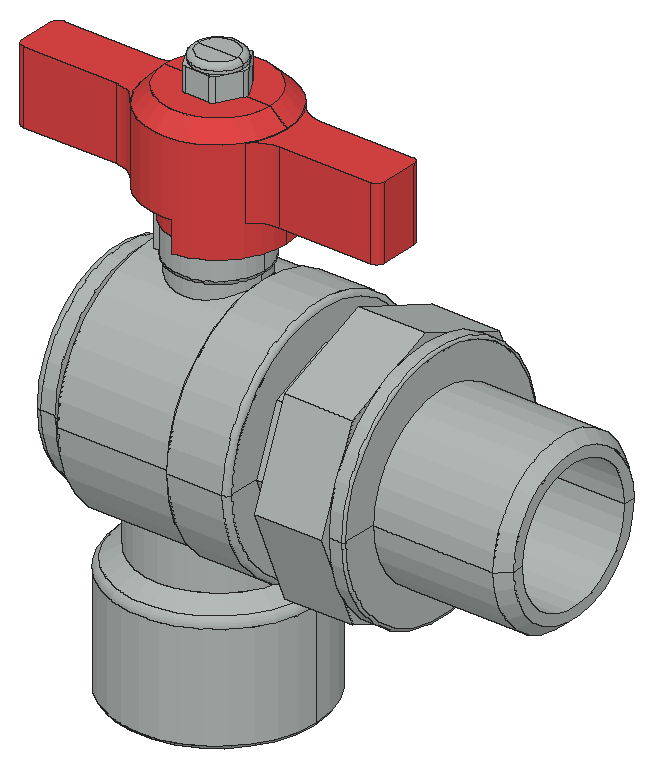
Revit family "QD01800000", category Apparecchi idraulici, Revit 2020
Family settings
  Quota connettore circolare = Usa diametro
  Tipo di parte = Normale
  Numero OmniClass = 23.45.00.00
  Titolo OmniClass = Sanitary, Laundry, and Cleaning Equipment
  Basato su piano di lavoro = No
  Sempre verticale = Sì
  Taglio con vuoti quando caricato = No
  Condiviso = No
  Punto di calcolo locali = No
Parameters
  URL = "https://web.cimberio.it/index.php/figura/251?subcategoria_id=43096"
  Temperatura di esercizio = "-20 ÷ 120°C"
  Prospetto di default = 0 mm
  Produttore = "CIMBERIO SPA"
  Pressione nominale = "PN 32"
  Modello = "Cim 238"
  Materiale = "Prodotto in lega di ottone conforme alla norma EN 12165-CW617N-DW"
  Descrizione = "Utilizzato nei più svariati settori dell'impiantistica: impianti di riscaldamento, condizionamento, idrici, igienico-sanitari, aria compressa e in generale con ogni fluido non corrosivo"
  DN Model [instance] = QD01802154 : QD01802154
  DN [instance] = 25 mm
  Commenti sul tipo = "Realizzato in ottemperanza ai requisiti gestionali della norma EN ISO 9001.\r\nCollaudato al 100% secondo la normativa EN 12266-1"
Reference planes
  plane 1 "Centro (Fronte/Retro)": y = 0
  plane 2: z = 0
  plane 3 "Centro (Sinistra/Destra)": x = 0
Dimensions and locks
  aligned and locked: level to plane 2
Nested families
  nested 1: "QD01802154" at (0, 0, 0), type <- "DN Model", type "QD01802154"
  nested 2: "QD01802154" at (0, 0, 0), type <- "DN Model", type "QD01802154"
  nested 3: "QD01802154" at (0, 0, 0), type <- "DN Model", type "QD01802154"
Connectors
  piping at (68.6, 0, 0), diameter 25, driven by "DN"
    settings: on nested 1, index 1, connector inside diameter 609.6 mm, connector length 0 mm, flow factor 0, pipe flow 0.0 L/s, pressure drop 0.0 Pa, fitting loss kfactor 0, connector angle 0.00°, fixture units 0, engagement length 0 mm, angle of deflection 0.00°, flow configuration 0, flow direction 0, fitting loss method 0, system type 8, joint type 0, gender type 0, connector reference index -1, connector utility 0, adjustable connector no, is connector primary yes, connector description ""
  piping at (0, 0, -50.5), diameter 25, driven by "DN"
    settings: on nested 1, index 2, connector inside diameter 609.6 mm, connector length 0 mm, flow factor 0, pipe flow 0.0 L/s, pressure drop 0.0 Pa, fitting loss kfactor 0, connector angle 0.00°, fixture units 0, engagement length 0 mm, angle of deflection 0.00°, flow configuration 0, flow direction 0, fitting loss method 0, system type 7, joint type 0, gender type 0, connector reference index -1, connector utility 0, adjustable connector no, is connector primary no, connector description ""
Definition of nested family "QD01802154"
  Parameters (values of type "QD01802154")
    Default Elevation = 0 mm
  Reference planes
    plane 1 "Centro (Fronte/Retro)": y = 0
    plane 2: z = 0
    plane 3 "Centro (Sinistra/Destra)": x = 0
  Forms (mm)
    Revolve 1, solid
      sketch origin (0, 0, 0) x (1, 0, 0) y (0, 1, 0)
        loop
          line (-19.65, 12.5) -> (20.6, 12.5) -> (20.6, 22.5)
          arc (20.6, 22.5) -> (20.308, 23.207) -> (19.599, 23.5) r 1
          line (19.599, 23.5) -> (9.001, 23.5)
          arc (9.001, 23.5) -> (8.658, 23.187) -> (8.5, 22.75) r 0.968
          line (8.5, 22.75) -> (-12.8, 22.75) -> (-15.55, 20) -> (-18.151, 20)
          arc (-18.151, 20) -> (-19.212, 19.56) -> (-19.65, 18.498) r 1.5
          line (-19.65, 18.498) -> (-19.65, 12.5)
        axis (-19.65, 0) -> (20.6, 0)
      angle from 0 to 360
    Extrusion 2, solid
      sketch origin (0, 0, 0) x (0, 1, 0) y (0, 0, 1)
        loop
          circle (0, 0) r 12.5
        loop
          line (0, 25) -> (-17.678, 17.678) -> (-25, 0) -> (-17.678, -17.678) -> (0, -25) -> (17.678, -17.678) -> (25, 0) -> (17.678, 17.678) -> (0, 25)
      from 27.1 to 40.1
    Revolve 3, solid
      sketch origin (0, 0, 4.062) x (1, 0, 0) y (0, 0, 1)
        loop
          line (0.065, 27.317) -> (0.065, 10.2) -> (8.5, 10.2) -> (8.5, 20.16)
          arc (8.5, 20.16) -> (8.86, 20.393) -> (9, 20.8) r 0.66
          line (9, 20.8) -> (9, 27.317) -> (0.065, 27.317)
        axis (0.065, 27.317) -> (0.065, 10.2)
      angle from 0 to 360
    Extrusion 4, solid
      sketch origin (0, 0, 10.625) x (1, 0, 0) y (0, 0, 1)
        loop
          line (-13, 26.3) -> (-13, 21) -> (-11, 19.845) -> (-11, 10.135) -> (-7.793, 10.135) -> (-7.793, 26.3) -> (-13, 26.3)
      from 0 to 1.742
    Revolve 5, solid
      sketch origin (0, 0, 4.062) x (1, 0, 0) y (0, 0, 1)
        loop
          line (0, 28.8) -> (-5.984, 28.8) -> (-7.003, 28.281) -> (-7.003, 26.625) -> (0, 26.625) -> (0, 28.8)
        axis (0, 28.8) -> (0, 26.625)
      angle from 0 to 360
    Revolve 6, solid
      sketch origin (0, 0, 8.056) x (1, 0, 0) y (0, 0, 1)
        loop
          line (0, 45.8) -> (-10.25, 45.806) -> (-13.25, 42.806) -> (-13.25, 22.955) -> (-7.25, 22.955) -> (-7.25, 33.512) -> (0, 33.512) -> (0, 45.8)
        axis (0, 45.806) -> (0, 22.955)
      angle from 0 to 360
    Extrusion 7, solid
      sketch origin (0, 0, 4.062) x (1, 0, 0) y (0, 1, 0)
        loop
          line (5.462, 0.547) -> (3.193, 4.475)
          arc (3.193, 4.475) -> (2.807, 4.862) -> (2.279, 5.003) r 1.056
          line (2.279, 5.003) -> (-2.264, 5.003)
          arc (-2.264, 5.003) -> (-2.805, 4.858) -> (-3.201, 4.462) r 1.082
          line (-3.201, 4.462) -> (-5.46, 0.55)
          arc (-5.46, 0.55) -> (-5.607, 0) -> (-5.46, -0.55) r 1.1
          line (-5.46, -0.55) -> (-3.2, -4.464)
          arc (-3.2, -4.464) -> (-2.805, -4.859) -> (-2.266, -5.003) r 1.078
          line (-2.266, -5.003) -> (2.25, -5.003)
          arc (2.25, -5.003) -> (2.803, -4.855) -> (3.208, -4.45) r 1.106
          line (3.208, -4.45) -> (5.462, -0.547)
          arc (5.462, -0.547) -> (5.608, 0) -> (5.462, 0.547) r 1.093
      from 54.3 to 49.794
    Revolve 8, solid
      sketch origin (0, 0, 8.064) x (1, 0, 0) y (0, 0, 1)
        loop
          line (0, 51.8) -> (0, 49.682) -> (4.75, 49.682) -> (4.75, 50.8)
          arc (4.75, 50.8) -> (4.457, 51.507) -> (3.75, 51.8) r 1
          line (3.75, 51.8) -> (0, 51.8)
        axis (0, 51.8) -> (0, 49.682)
      angle from 0 to 360
    Revolve 9, solid
      sketch origin (7.268, 0, 0) x (1, 0, 0) y (0, 1, 0)
        loop
          line (32.832, 12.5) -> (35.838, 12.5) -> (35.838, 23)
          arc (35.838, 23) -> (35.691, 23.354) -> (35.338, 23.5) r 0.5
          line (35.338, 23.5) -> (32.832, 23.5) -> (32.832, 12.5)
        axis (32.832, 0) -> (35.838, 0)
      angle from 0 to 360
    Revolve 10, solid
      sketch origin (7, 0, 0) x (1, 0, 0) y (0, 1, 0)
        loop
          line (61.6, 12.5) -> (61.6, 14.5) -> (59.326, 16.5) -> (36.1, 16.5) -> (36.1, 12.5) -> (61.6, 12.5)
        axis (36.1, 0) -> (61.6, 0)
      angle from 0 to 360
    Extrusion 11, void
      sketch origin (0, 0, 4.062) x (1, 0, 0) y (0, 1, 0)
        loop
          line (-9.25, 0) -> (-14.077, 0)
          arc (-14.077, 0) -> (-9.371, -10.505) -> (1.6, -13.986) r 14.077
          line (1.6, -13.986) -> (1.6, -9.111)
          arc (1.6, -9.111) -> (-5.948, -7.084) -> (-9.25, 0) r 9.25
      from 26.3 to 32.8
    Extrusion 12, solid
      sketch origin (0, 0, 0) x (1, 0, 0) y (0, 1, 0)
        loop
          arc (-10.874, 7.571) -> (-13.02, 5.682) -> (-15.798, 5) r 6
          line (-15.798, 5) -> (-33.5, 5)
          arc (-33.5, 5) -> (-34.561, 4.561) -> (-35, 3.5) r 1.5
          line (-35, 3.5) -> (-35, -3.5)
          arc (-35, -3.5) -> (-34.561, -4.561) -> (-33.5, -5) r 1.5
          line (-33.5, -5) -> (-15.798, -5)
          arc (-15.798, -5) -> (-13.02, -5.682) -> (-10.874, -7.571) r 6
          arc (-10.874, -7.571) -> (-13.25, 0) -> (-10.874, 7.571) r 13.25
        loop
          arc (10.874, 7.571) -> (13.25, 0) -> (10.874, -7.571) r 13.25
          arc (10.874, -7.571) -> (13.02, -5.682) -> (15.798, -5) r 6
          line (15.798, -5) -> (33.5, -5)
          arc (33.5, -5) -> (34.561, -4.561) -> (35, -3.5) r 1.5
          line (35, -3.5) -> (35, 3.5)
          arc (35, 3.5) -> (34.561, 4.561) -> (33.5, 5) r 1.5
          line (33.5, 5) -> (15.798, 5)
          arc (15.798, 5) -> (13.02, 5.682) -> (10.874, 7.571) r 6
      from 36.925 to 50.862
    Revolve 13, solid
      sketch origin (0, 0, 0) x (1, 0, 0) y (0, 0, 1)
        loop
          line (-22.071, 14.044) -> (-23.3, 0) -> (-19.65, 0) -> (-19.65, 14.5) -> (-21.42, 14.5)
          arc (-21.42, 14.5) -> (-21.852, 14.424) -> (-22.071, 14.044) r 0.519
        axis (-23.3, 0) -> (-19.65, 0)
      angle from 0 to 360
    Extrusion 14, solid
      sketch origin (0, 0, 0) x (0, 1, 0) y (0, 0, 1)
        loop
          circle (0, 0) r 12.5
        loop
          line (0, 16.6) -> (-11.738, 11.738) -> (-16.6, 0) -> (-11.738, -11.738) -> (0, -16.6) -> (11.738, -11.738) -> (16.6, 0) -> (11.738, 11.738) -> (0, 16.6)
      from 20.6 to 27.1
    Revolve 15, solid
      sketch origin (0, 0, 0) x (1, 0, 0) y (0, 0, 1)
        loop
          line (-3.601, -50.5) -> (-3.601, -16.651) -> (-14.5, -16.651) -> (-14.5, -25.902) -> (-18, -27.923)
          arc (-18, -27.923) -> (-18.732, -28.655) -> (-19, -29.655) r 2
          line (-19, -29.655) -> (-19, -49.86) -> (-18.5, -50.5) -> (-3.601, -50.5)
        axis (0, -16.651) -> (0, -50.5)
      angle from 0 to 360
  Cuts and joins
    Extrusion 11 cuts Revolve 6
  Dimensions and locks
    aligned and locked: level to plane 2
